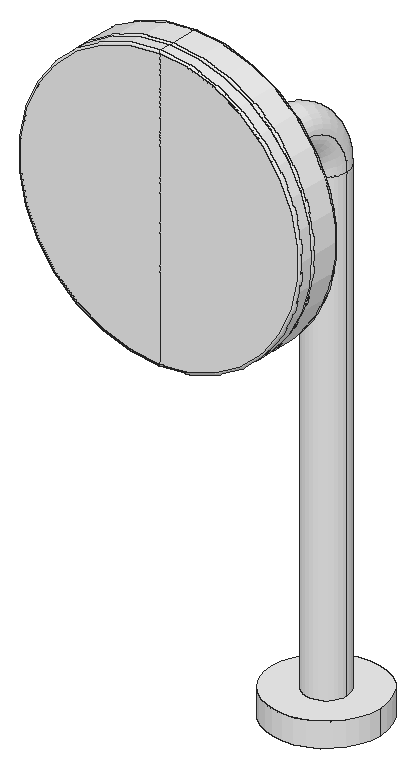
Revit family "Chuveiro básico - Deca Circular", category Plumbing Fixtures, host Face, Revit 2016
Family settings
  Host = Face
  Part Type = Normal
  Round Connector Dimension = Use Radius
  Cut with Voids When Loaded = No
  Shared = No
  Room Calculation Point = No
Parameters (values of type "Chuveiro circular")
  WFU = 0
  Vendido Separadamente = ""
  Variações de COR = "Cromado (1958.C.CT.ARE)"  # constant formula
  URL = "www.deca.com.br/produtos"
  Segmento = "Médio"  # constant formula
  Raio Ponto de Agua = 7.5 mm  # constant formula
  Produto = "Chuveiro Balance 12 2 jatos com tubo de parede"  # constant formula
  Pressão = "2 a 40 mca"  # constant formula
  Peso Liquido (Kg) = 0.73  # constant formula
  Norma = "ABNT NBR 15206: 2005"  # constant formula
  Model = Código  # "1958.C.CT.ARE"
  Material = "Deca_Latão Cromado, Plástico de Engenharia, Elastômeros e Componentes Eletrônicos"  # constant formula
  Manufacturer = "Deca"  # constant formula
  Louça/Metais = "Metal"  # constant formula
  Linha = "Balance"  # constant formula
  Informações Complementares = "Recomendável com pressão mínima de 10 m.c.a para aquecedor de passagem e de 2 m.c.a para aquecedor de acumulação; não retirar o restritor de vazão."  # constant formula
  HWFU = 0
  Flow Pressure = 0.00 psi
  Diâmetro Ponto de Agua = Raio Ponto de Agua * 2  # 15 mm
  Description = "Chuveiro"  # constant formula
  Default Elevation = 2000 mm
  Código = "1958.C.CT.ARE"  # constant formula
  Criado por = "Contino/quattroD"  # constant formula
  Consumo = "12 litros por minuto"  # constant formula
  Chuveiro = Deca CR10 Cromado Metal
  Atendimento ao Cliente = "0800-011-7073 "  # constant formula
  Assembly Code = "D2020"
  Aprovado por = "Contino/quattroD"  # constant formula
  Acompanha o Produto = ""
Reference planes
  plane 1 "Center (Front/Back)": y = 0
  plane 2: z = 0
  plane 3 "Center (Left/Right)": x = 0
  plane 4 "Rigth 1": x = 26.9
  plane 5 "Top 1": y = 26.9
  plane 6 "Left 1": x = -26.9
  plane 7 "Bottom 1": y = -104.975
  plane 8 "Right 2": x = 70
  plane 9 "Left 2": x = -70
  plane 10 "Front 2": z = 339.675
  plane 11 "Front 1": z = 12
Forms (mm)
  Revolve 1, solid, material "Deca CR10 Cromado Metal" <- "Chuveiro"
    sketch origin (0, 0, 0) x (0, 1, 0) y (0, 0, 1)
      loop
        line (-42.575, 269.675) -> (-42.575, 281.125) -> (-56.375, 281.125) -> (-58.875, 278.625) -> (-62.805, 278.625) -> (-64.375, 279.86) -> (-64.375, 285.675) -> (-76.575, 285.675) -> (-76.575, 284.325) -> (-77.575, 284.325) -> (-77.575, 285.675) -> (-80.575, 285.675) -> (-80.575, 338.875)
        arc (-80.575, 338.875) -> (-80.809, 339.441) -> (-81.375, 339.675) r 0.8
        line (-81.375, 339.675) -> (-94.575, 339.675)
        arc (-94.575, 339.675) -> (-95.282, 339.382) -> (-95.575, 338.675) r 1
        line (-95.575, 338.675) -> (-95.575, 337.876) -> (-96.875, 337.876) -> (-96.875, 339.675) -> (-102.375, 339.675)
        arc (-102.375, 339.675) -> (-103.082, 339.382) -> (-103.375, 338.675) r 1
        line (-103.375, 338.675) -> (-103.375, 269.675) -> (-42.575, 269.675)
      axis (-103.375, 269.675) -> (-42.575, 269.675)
    angle from 0 to 360
  Extrusion 2, solid, material "Deca CR10 Cromado Metal" <- "Chuveiro"
    sketch origin (0, 0, 0) x (1, 0, 0) y (0, 1, 0)
      loop
        circle (0, 0) r 26.9
    from 0 to 12
  Sweep 3, solid, material "Deca CR10 Cromado Metal" <- "Chuveiro"
    path origin (0, 0, 0) x (0, 1, 0) y (0, 0, 1)
      loop
        line (0, 12) -> (0, 244.35)
        arc (0, 244.35) -> (-7.418, 262.257) -> (-25.325, 269.675) r 25.325
        line (-25.325, 269.675) -> (-42.575, 269.675)
    profile origin (0, 0, 128.175) x (0, -1, 0) y (1, 0, 0)
      loop
        circle (0, 0) r 10.325
Cuts and joins
  joined: Revolve 1, Extrusion 2, Sweep 3
Lines and regions (mm)
  Masking region 1
    outline origin (-316.08, -1.411, 0) x (1, 0, 0) y (0, 1, 0)
      loop
        arc (326.405, -23.429) -> (316.08, 28.311) -> (305.755, -23.429) r 26.9
        line (305.755, -23.429) -> (305.755, -41.164) -> (304.63, -41.164) -> (304.63, -52.164) -> (306.08, -52.164) -> (306.08, -56.414) -> (307.13, -57.464) -> (307.13, -61.394) -> (305.895, -62.964) -> (300.08, -62.964) -> (300.08, -75.164) -> (301.43, -75.164) -> (301.43, -76.164) -> (300.08, -76.164) -> (300.08, -79.164) -> (246.88, -79.164)
        arc (246.88, -79.164) -> (246.314, -79.398) -> (246.08, -79.964) r 0.8
        line (246.08, -79.964) -> (246.08, -93.164)
        arc (246.08, -93.164) -> (246.373, -93.871) -> (247.08, -94.164) r 1
        line (247.08, -94.164) -> (247.888, -94.164) -> (247.888, -95.464) -> (246.08, -95.464) -> (246.08, -100.964)
        arc (246.08, -100.964) -> (246.373, -101.671) -> (247.08, -101.964) r 1
        line (247.08, -101.964) -> (264.384, -101.964) -> (264.384, -102.979)
        arc (264.384, -102.979) -> (264.555, -103.393) -> (264.969, -103.564) r 0.585
        line (264.969, -103.564) -> (266.699, -103.564)
        arc (266.699, -103.564) -> (267.112, -103.393) -> (267.284, -102.979) r 0.585
        line (267.284, -102.979) -> (267.284, -101.964) -> (274.043, -101.964) -> (274.043, -102.979)
        arc (274.043, -102.979) -> (274.214, -103.393) -> (274.628, -103.564) r 0.585
        line (274.628, -103.564) -> (276.358, -103.564)
        arc (276.358, -103.564) -> (276.772, -103.393) -> (276.943, -102.979) r 0.585
        line (276.943, -102.979) -> (276.943, -101.964) -> (277.847, -101.964) -> (277.847, -102.979)
        arc (277.847, -102.979) -> (278.018, -103.393) -> (278.432, -103.564) r 0.585
        line (278.432, -103.564) -> (280.162, -103.564)
        arc (280.162, -103.564) -> (280.576, -103.393) -> (280.747, -102.979) r 0.585
        line (280.747, -102.979) -> (280.747, -101.964) -> (284.918, -101.964) -> (284.918, -102.979)
        arc (284.918, -102.979) -> (285.09, -103.393) -> (285.503, -103.564) r 0.585
        line (285.503, -103.564) -> (287.233, -103.564)
        arc (287.233, -103.564) -> (287.647, -103.393) -> (287.818, -102.979) r 0.585
        line (287.818, -102.979) -> (287.818, -101.964) -> (291.989, -101.964) -> (291.989, -102.979)
        arc (291.989, -102.979) -> (292.161, -103.393) -> (292.574, -103.564) r 0.585
        line (292.574, -103.564) -> (294.304, -103.564)
        arc (294.304, -103.564) -> (294.718, -103.393) -> (294.889, -102.979) r 0.585
        line (294.889, -102.979) -> (294.889, -101.964) -> (301.166, -101.964) -> (301.166, -102.979)
        arc (301.166, -102.979) -> (301.338, -103.393) -> (301.751, -103.564) r 0.585
        line (301.751, -103.564) -> (303.482, -103.564)
        arc (303.482, -103.564) -> (303.895, -103.393) -> (304.066, -102.979) r 0.585
        line (304.066, -102.979) -> (304.066, -101.964) -> (328.093, -101.964) -> (328.093, -102.979)
        arc (328.093, -102.979) -> (328.265, -103.393) -> (328.678, -103.564) r 0.585
        line (328.678, -103.564) -> (330.408, -103.564)
        arc (330.408, -103.564) -> (330.822, -103.393) -> (330.993, -102.979) r 0.585
        line (330.993, -102.979) -> (330.993, -101.964) -> (337.27, -101.964) -> (337.27, -102.979)
        arc (337.27, -102.979) -> (337.442, -103.393) -> (337.855, -103.564) r 0.585
        line (337.855, -103.564) -> (339.586, -103.564)
        arc (339.586, -103.564) -> (339.999, -103.393) -> (340.17, -102.979) r 0.585
        line (340.17, -102.979) -> (340.17, -101.964) -> (344.341, -101.964) -> (344.341, -102.979)
        arc (344.341, -102.979) -> (344.513, -103.393) -> (344.926, -103.564) r 0.585
        line (344.926, -103.564) -> (346.657, -103.564)
        arc (346.657, -103.564) -> (347.07, -103.393) -> (347.241, -102.979) r 0.585
        line (347.241, -102.979) -> (347.241, -101.964) -> (351.413, -101.964) -> (351.413, -102.979)
        arc (351.413, -102.979) -> (351.584, -103.393) -> (351.997, -103.564) r 0.585
        line (351.997, -103.564) -> (353.728, -103.564)
        arc (353.728, -103.564) -> (354.141, -103.393) -> (354.313, -102.979) r 0.585
        line (354.313, -102.979) -> (354.313, -101.964) -> (355.217, -101.964) -> (355.217, -102.979)
        arc (355.217, -102.979) -> (355.388, -103.393) -> (355.802, -103.564) r 0.585
        line (355.802, -103.564) -> (357.532, -103.564)
        arc (357.532, -103.564) -> (357.945, -103.393) -> (358.117, -102.979) r 0.585
        line (358.117, -102.979) -> (358.117, -101.964) -> (364.876, -101.964) -> (364.876, -102.979)
        arc (364.876, -102.979) -> (365.047, -103.393) -> (365.461, -103.564) r 0.585
        line (365.461, -103.564) -> (367.191, -103.564)
        arc (367.191, -103.564) -> (367.605, -103.393) -> (367.776, -102.979) r 0.585
        line (367.776, -102.979) -> (367.776, -101.964) -> (385.08, -101.964)
        arc (385.08, -101.964) -> (385.787, -101.671) -> (386.08, -100.964) r 1
        line (386.08, -100.964) -> (386.08, -95.464) -> (384.272, -95.464) -> (384.272, -94.164) -> (385.08, -94.164)
        arc (385.08, -94.164) -> (385.787, -93.871) -> (386.08, -93.164) r 1
        line (386.08, -93.164) -> (386.08, -79.964)
        arc (386.08, -79.964) -> (385.846, -79.398) -> (385.28, -79.164) r 0.8
        line (385.28, -79.164) -> (332.08, -79.164) -> (332.08, -76.164) -> (330.73, -76.164) -> (330.73, -75.164) -> (332.08, -75.164) -> (332.08, -62.964) -> (326.265, -62.964) -> (325.03, -61.394) -> (325.03, -57.464) -> (326.08, -56.414) -> (326.08, -52.164) -> (327.53, -52.164) -> (327.53, -41.164) -> (326.405, -41.164) -> (326.405, -23.429)
  Masking region 2
    outline origin (-376.89, 0, -123.421) x (1, 0, 0) y (0, 0, 1)
      loop
        line (403.79, 123.421) -> (403.79, 133.921)
        arc (403.79, 133.921) -> (403.351, 134.982) -> (402.29, 135.421) r 1.5
        line (402.29, 135.421) -> (387.215, 135.421) -> (387.215, 323.862)
        arc (387.215, 323.862) -> (399.769, 459.251) -> (325.998, 345.033) r 70
        line (325.998, 345.033) -> (316.255, 335.29)
        arc (316.255, 335.29) -> (316.109, 334.936) -> (316.255, 334.583) r 0.5
        line (316.255, 334.583) -> (318.376, 332.461)
        arc (318.376, 332.461) -> (318.73, 332.315) -> (319.083, 332.461) r 0.5
        line (319.083, 332.461) -> (328.827, 342.205)
        arc (328.827, 342.205) -> (346.289, 330.139) -> (366.565, 323.862) r 70
        line (366.565, 323.862) -> (366.565, 135.421) -> (351.49, 135.421)
        arc (351.49, 135.421) -> (350.429, 134.982) -> (349.99, 133.921) r 1.5
        line (349.99, 133.921) -> (349.99, 123.421) -> (403.79, 123.421)
  Masking region 3
    outline origin (0, -329.088, -161.151) x (0, 1, 0) y (0, 0, 1)
      loop
        line (355.988, 161.151) -> (355.988, 171.651)
        arc (355.988, 171.651) -> (355.548, 172.712) -> (354.488, 173.151) r 1.5
        line (354.488, 173.151) -> (339.413, 173.151) -> (339.413, 405.501)
        arc (339.413, 405.501) -> (328.971, 430.71) -> (303.763, 441.151) r 35.65
        line (303.763, 441.151) -> (286.513, 441.151) -> (286.513, 442.276) -> (272.713, 442.276) -> (270.213, 439.776) -> (266.283, 439.776) -> (264.713, 441.012) -> (264.713, 446.826) -> (252.513, 446.826) -> (252.513, 445.476) -> (251.513, 445.476) -> (251.513, 446.826) -> (248.513, 446.826) -> (248.513, 500.026)
        arc (248.513, 500.026) -> (248.279, 500.592) -> (247.713, 500.826) r 0.8
        line (247.713, 500.826) -> (234.513, 500.826)
        arc (234.513, 500.826) -> (233.806, 500.533) -> (233.513, 499.826) r 1
        line (233.513, 499.826) -> (233.513, 499.026) -> (232.213, 499.026) -> (232.213, 500.826) -> (226.713, 500.826)
        arc (226.713, 500.826) -> (226.006, 500.533) -> (225.713, 499.826) r 1
        line (225.713, 499.826) -> (225.713, 482.522) -> (224.68, 482.522)
        arc (224.68, 482.522) -> (224.279, 482.356) -> (224.113, 481.955) r 0.568
        line (224.113, 481.955) -> (224.113, 480.19)
        arc (224.113, 480.19) -> (224.279, 479.789) -> (224.68, 479.622) r 0.568
        line (224.68, 479.622) -> (225.713, 479.622) -> (225.713, 472.863) -> (224.68, 472.863)
        arc (224.68, 472.863) -> (224.279, 472.697) -> (224.113, 472.295) r 0.568
        line (224.113, 472.295) -> (224.113, 470.531)
        arc (224.113, 470.531) -> (224.279, 470.129) -> (224.68, 469.963) r 0.568
        line (224.68, 469.963) -> (225.713, 469.963) -> (225.713, 469.059) -> (224.68, 469.059)
        arc (224.68, 469.059) -> (224.279, 468.893) -> (224.113, 468.491) r 0.568
        line (224.113, 468.491) -> (224.113, 466.727)
        arc (224.113, 466.727) -> (224.279, 466.325) -> (224.68, 466.159) r 0.568
        line (224.68, 466.159) -> (225.713, 466.159) -> (225.713, 461.988) -> (224.68, 461.988)
        arc (224.68, 461.988) -> (224.279, 461.822) -> (224.113, 461.42) r 0.568
        line (224.113, 461.42) -> (224.113, 459.655)
        arc (224.113, 459.655) -> (224.279, 459.254) -> (224.68, 459.088) r 0.568
        line (224.68, 459.088) -> (225.713, 459.088) -> (225.713, 454.917) -> (224.68, 454.917)
        arc (224.68, 454.917) -> (224.279, 454.751) -> (224.113, 454.349) r 0.568
        line (224.113, 454.349) -> (224.113, 452.584)
        arc (224.113, 452.584) -> (224.279, 452.183) -> (224.68, 452.017) r 0.568
        line (224.68, 452.017) -> (225.713, 452.017) -> (225.713, 445.74) -> (224.68, 445.74)
        arc (224.68, 445.74) -> (224.279, 445.573) -> (224.113, 445.172) r 0.568
        line (224.113, 445.172) -> (224.113, 443.407)
        arc (224.113, 443.407) -> (224.279, 443.006) -> (224.68, 442.84) r 0.568
        line (224.68, 442.84) -> (225.713, 442.84) -> (225.713, 418.813) -> (224.68, 418.813)
        arc (224.68, 418.813) -> (224.279, 418.647) -> (224.113, 418.245) r 0.568
        line (224.113, 418.245) -> (224.113, 416.48)
        arc (224.113, 416.48) -> (224.279, 416.079) -> (224.68, 415.913) r 0.568
        line (224.68, 415.913) -> (225.713, 415.913) -> (225.713, 409.636) -> (224.68, 409.636)
        arc (224.68, 409.636) -> (224.279, 409.469) -> (224.113, 409.068) r 0.568
        line (224.113, 409.068) -> (224.113, 407.303)
        arc (224.113, 407.303) -> (224.279, 406.902) -> (224.68, 406.736) r 0.568
        line (224.68, 406.736) -> (225.713, 406.736) -> (225.713, 402.565) -> (224.68, 402.565)
        arc (224.68, 402.565) -> (224.279, 402.398) -> (224.113, 401.997) r 0.568
        line (224.113, 401.997) -> (224.113, 400.232)
        arc (224.113, 400.232) -> (224.279, 399.831) -> (224.68, 399.665) r 0.568
        line (224.68, 399.665) -> (225.713, 399.665) -> (225.713, 395.494) -> (224.68, 395.494)
        arc (224.68, 395.494) -> (224.279, 395.327) -> (224.113, 394.926) r 0.568
        line (224.113, 394.926) -> (224.113, 393.161)
        arc (224.113, 393.161) -> (224.279, 392.76) -> (224.68, 392.594) r 0.568
        line (224.68, 392.594) -> (225.713, 392.594) -> (225.713, 391.689) -> (224.68, 391.689)
        arc (224.68, 391.689) -> (224.279, 391.523) -> (224.113, 391.122) r 0.568
        line (224.113, 391.122) -> (224.113, 389.357)
        arc (224.113, 389.357) -> (224.279, 388.956) -> (224.68, 388.789) r 0.568
        line (224.68, 388.789) -> (225.713, 388.789) -> (225.713, 382.03) -> (224.68, 382.03)
        arc (224.68, 382.03) -> (224.279, 381.864) -> (224.113, 381.463) r 0.568
        line (224.113, 381.463) -> (224.113, 379.698)
        arc (224.113, 379.698) -> (224.279, 379.296) -> (224.68, 379.13) r 0.568
        line (224.68, 379.13) -> (225.713, 379.13) -> (225.713, 361.826)
        arc (225.713, 361.826) -> (226.006, 361.119) -> (226.713, 360.826) r 1
        line (226.713, 360.826) -> (232.213, 360.826) -> (232.213, 362.626) -> (233.513, 362.626) -> (233.513, 361.826)
        arc (233.513, 361.826) -> (233.806, 361.119) -> (234.513, 360.826) r 1
        line (234.513, 360.826) -> (247.713, 360.826)
        arc (247.713, 360.826) -> (248.279, 361.061) -> (248.513, 361.626) r 0.8
        line (248.513, 361.626) -> (248.513, 414.826) -> (251.513, 414.826) -> (251.513, 416.176) -> (252.513, 416.176) -> (252.513, 414.826) -> (264.713, 414.826) -> (264.713, 420.641) -> (266.283, 421.876) -> (270.213, 421.876) -> (272.713, 419.376) -> (286.513, 419.376) -> (286.513, 420.501) -> (303.763, 420.501)
        arc (303.763, 420.501) -> (314.369, 416.108) -> (318.763, 405.501) r 15
        line (318.763, 405.501) -> (318.763, 173.151) -> (303.688, 173.151)
        arc (303.688, 173.151) -> (302.627, 172.712) -> (302.188, 171.651) r 1.5
        line (302.188, 171.651) -> (302.188, 161.151) -> (355.988, 161.151)
  symbolic lines
    curve 1: line (-10.325, -24.84, 0) -> (-10.325, 0, 0)
    curve 2: arc (10.325, 0, 0) -> (0, 10.325, 0) -> (-10.325, 0, 0) r 10.325
    curve 3: line (10.325, -24.84, 0) -> (10.325, 0, 0)
    curve 4: arc (10.325, -23.207, 0) -> (0, 25.4, 0) -> (-10.325, -23.207, 0) r 25.4
    curve 5: line (-10.325, -25.325, 0) -> (10.325, -25.325, 0)
    curve 6: line (11.45, -42.575, 0) -> (-11.45, -42.575, 0)
    curve 7: line (-10, -56.375, 0) -> (10, -56.375, 0)
    curve 8: line (8.95, -58.875, 0) -> (-8.95, -58.875, 0)
    curve 9: line (-8.95, -62.805, 0) -> (8.95, -62.805, 0)
    curve 10: line (16, -64.375, 0) -> (-16, -64.375, 0)
    curve 11: line (-16, -76.575, 0) -> (16, -76.575, 0)
    curve 12: line (16, -77.575, 0) -> (-16, -77.575, 0)
    curve 13: line (-16, -80.575, 0) -> (16, -80.575, 0)
    curve 14: line (-68.192, -95.575, 0) -> (68.192, -95.575, 0)
    curve 15: line (68.192, -96.875, 0) -> (-68.192, -96.875, 0)
    curve 16: line (-51.696, -103.375, 0) -> (-48.796, -103.375, 0)
    curve 17: line (-51.696, -104.39, 0) -> (-48.796, -104.39, 0)
    curve 18: line (-42.037, -103.375, 0) -> (-39.137, -103.375, 0)
    curve 19: line (-42.037, -104.39, 0) -> (-39.137, -104.39, 0)
    curve 20: line (-38.233, -103.375, 0) -> (-35.333, -103.375, 0)
    curve 21: line (-38.233, -104.39, 0) -> (-35.333, -104.39, 0)
    curve 22: line (-31.162, -103.375, 0) -> (-28.262, -103.375, 0)
    curve 23: line (-31.162, -104.39, 0) -> (-28.262, -104.39, 0)
    curve 24: line (-24.091, -103.375, 0) -> (-21.191, -103.375, 0)
    curve 25: line (-24.091, -104.39, 0) -> (-21.191, -104.39, 0)
    curve 26: line (-14.913, -103.375, 0) -> (-12.013, -103.375, 0)
    curve 27: line (-14.913, -104.39, 0) -> (-12.013, -104.39, 0)
    curve 28: line (12.013, -103.375, 0) -> (14.913, -103.375, 0)
    curve 29: line (12.013, -104.39, 0) -> (14.913, -104.39, 0)
    curve 30: line (21.191, -103.375, 0) -> (24.091, -103.375, 0)
    curve 31: line (21.191, -104.39, 0) -> (24.091, -104.39, 0)
    curve 32: line (28.262, -103.375, 0) -> (31.162, -103.375, 0)
    curve 33: line (28.262, -104.39, 0) -> (31.162, -104.39, 0)
    curve 34: line (35.333, -103.375, 0) -> (38.233, -103.375, 0)
    curve 35: line (35.333, -104.39, 0) -> (38.233, -104.39, 0)
    curve 36: line (39.137, -103.375, 0) -> (42.037, -103.375, 0)
    curve 37: line (39.137, -104.39, 0) -> (42.037, -104.39, 0)
    curve 38: line (48.796, -103.375, 0) -> (51.696, -103.375, 0)
    curve 39: line (48.796, -104.39, 0) -> (51.696, -104.39, 0)
    curve 40: line (-10.325, 0, 12) -> (10.325, 0, 12)
    curve 41: line (-10.325, 0, 200.441) -> (-10.325, 0, 269.675)
    curve 42: line (10.325, 0, 269.675) -> (10.325, 0, 201.25)
    curve 43: arc (-10.325, 0, 269.675) -> (0, 0, 280) -> (10.325, 0, 269.675) r 10.325
    curve 44: arc (10.325, 0, 264.726) -> (0, 0, 281.125) -> (-10.325, 0, 264.726) r 11.45
    curve 45: arc (10.325, 0, 257.452) -> (0, 0, 285.675) -> (-10.325, 0, 257.452) r 16
    curve 46: arc (-50.891, 0, 221.612) -> (-49.497, 0, 220.178) -> (-48.063, 0, 218.784) r 70
    curve 47: arc (10.325, 0, 201.25) -> (0, 0, 338.875) -> (-10.325, 0, 201.25) r 69.2
    curve 48: line (0, -10.325, 12) -> (0, 10.325, 12)
    curve 49: line (0, -42.575, 259.35) -> (0, -42.575, 280)
    curve 50: line (0, -58.875, 260.725) -> (0, -58.875, 278.625)
    curve 51: line (0, -62.805, 278.625) -> (0, -62.805, 260.725)
    curve 52: line (0, -56.375, 258.225) -> (0, -56.375, 264.098)
    curve 53: line (0, -56.375, 264.098) -> (0, -53.575, 264.098)
    curve 54: line (0, -53.575, 264.098) -> (0, -53.575, 275.252)
    curve 55: line (0, -53.575, 275.252) -> (0, -56.375, 275.252)
    curve 56: line (0, -56.375, 275.252) -> (0, -56.375, 281.125)
    curve 57: arc (0, -56.375, 264.098) -> (0, -57.81, 269.675) -> (0, -56.375, 275.252) r 11.553
    curve 58: line (0, -64.375, 259.49) -> (0, -64.375, 279.86)
    curve 59: line (0, -76.575, 284.325) -> (0, -76.575, 255.025)
    curve 60: line (0, -77.575, 255.025) -> (0, -77.575, 284.325)
    curve 61: line (0, -80.575, 253.675) -> (0, -80.575, 285.675)
    curve 62: line (0, -96.875, 201.475) -> (0, -96.875, 337.875)
    curve 63: line (0, -95.575, 337.875) -> (0, -95.575, 201.475)
    curve 64: line (0, -103.375, 217.979) -> (0, -103.375, 220.879)
    curve 65: line (0, -104.407, 217.979) -> (0, -104.407, 220.879)
    curve 66: line (0, -103.375, 227.638) -> (0, -103.375, 230.538)
    curve 67: line (0, -104.407, 227.638) -> (0, -104.407, 230.538)
    curve 68: line (0, -103.375, 231.442) -> (0, -103.375, 234.342)
    curve 69: line (0, -104.407, 231.442) -> (0, -104.407, 234.342)
    curve 70: line (0, -103.375, 238.513) -> (0, -103.375, 241.413)
    curve 71: line (0, -104.407, 238.513) -> (0, -104.407, 241.413)
    curve 72: line (0, -103.375, 245.584) -> (0, -103.375, 248.484)
    curve 73: line (0, -104.407, 245.584) -> (0, -104.407, 248.484)
    curve 74: line (0, -103.375, 254.762) -> (0, -103.375, 257.662)
    curve 75: line (0, -104.407, 254.762) -> (0, -104.407, 257.662)
    curve 76: line (0, -103.375, 281.688) -> (0, -103.375, 284.588)
    curve 77: line (0, -104.407, 281.688) -> (0, -104.407, 284.588)
    curve 78: line (0, -103.375, 290.866) -> (0, -103.375, 293.766)
    curve 79: line (0, -104.407, 290.866) -> (0, -104.407, 293.766)
    curve 80: line (0, -103.375, 297.937) -> (0, -103.375, 300.837)
    curve 81: line (0, -104.407, 297.937) -> (0, -104.407, 300.837)
    curve 82: line (0, -103.375, 305.008) -> (0, -103.375, 307.908)
    curve 83: line (0, -104.407, 305.008) -> (0, -104.407, 307.908)
    curve 84: line (0, -103.375, 308.812) -> (0, -103.375, 311.712)
    curve 85: line (0, -104.407, 308.812) -> (0, -104.407, 311.712)
    curve 86: line (0, -103.375, 318.471) -> (0, -103.375, 321.371)
    curve 87: line (0, -104.407, 318.471) -> (0, -104.407, 321.371)
Dimensions and locks
  plane 6 "Left 1" to plane 4 "Rigth 1" = 53.8 mm  (x2)
  plane 9 "Left 2" to plane 8 "Right 2" = 140 mm  (x2)
  plane 10 "Front 2" to plane 2 = 339.675 mm  (x2)
  plane 7 "Bottom 1" to plane 5 "Top 1" = 131.875 mm
  plane 5 "Top 1" to plane 7 "Bottom 1" = 131.875 mm
  plane 10 "Front 2" to plane 11 "Front 1" to host face = 327.675 mm, 12 mm
  aligned and locked: host face to plane 2
  aligned and locked: level to host face
  aligned and locked: Extrusion 2 to level
  aligned and locked: plane 11 "Front 1" to Extrusion 2
Connectors
  piping at (0, 0, 0), diameter 15, driven by "Raio Ponto de Agua", driven by "Flow Pressure"
    settings: on cut or joined group of Revolve 1, Extrusion 2, Sweep 3, index 1, connector inside diameter 0.59055", connector length 0 mm, flow factor 0, pipe flow 0 GPM, pressure drop 0.00 psi, fitting loss kfactor 0, connector angle 0.00°, fixture units 0, engagement length 0 mm, angle of deflection 0.00°, flow configuration 3, flow direction 1, fitting loss method 4, system type 29, joint type 0, gender type 0, connector reference index -1, connector utility 0, adjustable connector no, is connector primary yes, connector description ""
